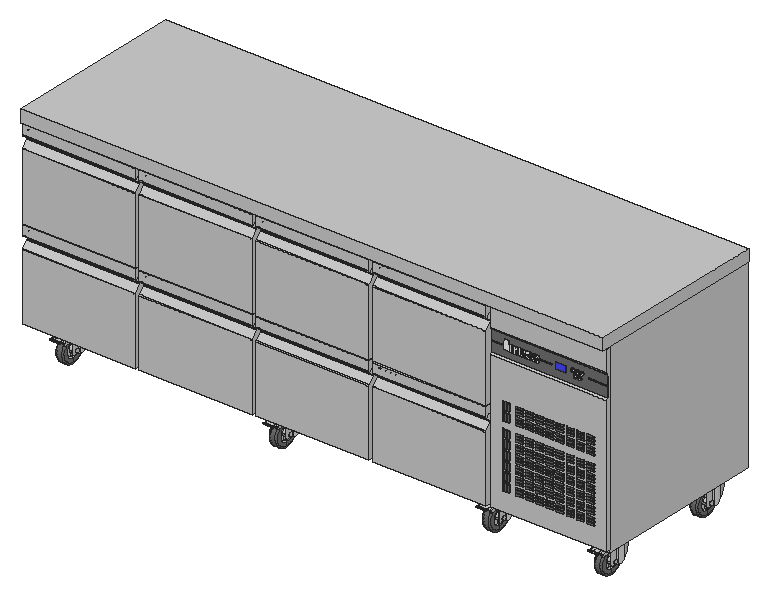
Revit family "QF_INOMAK_PNRP9999_250513010757", category Specialty Equipment, Revit 2021 (continued)
Definition of nested family "QF_INOMAK_REF_COUNTERS_DOORS_DRAWERS_25919"
  Definition of nested family "2_Drawers_1-2"
    Reference planes
      plane 7 "Front legs": y = -690
      plane 8 "Legs top": z = 150
      plane 9 "Backsplash thickness": y = -10
      plane 10 "Left panel": x = 35
      plane 11 "Right panel": x = 1165
      plane 12: z = 600
      plane 13: z = 1046
      plane 14: z = 602
      plane 15: z = 598
      plane 16: z = 154
    Forms (mm)
      Extrusion 1, solid, material <- "Finish", visible <- "2 Drawers"
        sketch origin (35, 0, 0) x (0, -1, 0) y (0, 0, 1)
          loop
            line (690, 602) -> (690, 960.365)
            arc (690, 960.365) -> (689.866, 961.037) -> (689.485, 961.607) r 1.757
            line (689.485, 961.607) -> (666.663, 984.429)
            arc (666.663, 984.429) -> (665.976, 985.458) -> (665.734, 986.672) r 3.172
            line (665.734, 986.672) -> (665.734, 1013.576)
            arc (665.734, 1013.576) -> (666.433, 1015.262) -> (668.119, 1015.961) r 2.385
            line (668.119, 1015.961) -> (680.029, 1015.961) -> (686.544, 1006.657)
            arc (686.544, 1006.657) -> (688.671, 1005.935) -> (690, 1007.747) r 1.9
            line (690, 1007.747) -> (690, 1046) -> (648, 1046) -> (648, 602) -> (690, 602)
        from 0 to -1130
      Extrusion 2, solid, visible <- "2 Drawers", detail levels coarse
        sketch origin (0, -640.463, 602) x (0, 1, 0) y (-1, 0, 0)
          loop
            line (-49.537, -35) -> (-624.537, -35) -> (-624.537, -1165) -> (-49.537, -1165) -> (-49.537, -35)
        from 0 to 444
      Extrusion 3, solid, visible <- "2 Drawers", detail levels coarse
        sketch origin (0, -700, 154) x (-1, 0, 0) y (0, 1, 0)
          loop
            line (-35, 10) -> (-1165, 10) -> (-1165, -565) -> (-35, -565) -> (-35, 10)
        from 0 to -444
      Extrusion 4, solid, material <- "Finish", visible <- "2 Drawers"
        sketch origin (35, 0, -441.333) x (0, -1, 0) y (0, 0, 1)
          loop
            line (690, 595.333) -> (690, 953.698)
            arc (690, 953.698) -> (689.866, 954.37) -> (689.485, 954.94) r 1.757
            line (689.485, 954.94) -> (666.663, 977.763)
            arc (666.663, 977.763) -> (665.976, 978.792) -> (665.734, 980.006) r 3.172
            line (665.734, 980.006) -> (665.734, 1006.909)
            arc (665.734, 1006.909) -> (666.433, 1008.596) -> (668.119, 1009.294) r 2.385
            line (668.119, 1009.294) -> (680.029, 1009.294) -> (686.544, 999.991)
            arc (686.544, 999.991) -> (688.671, 999.268) -> (690, 1001.08) r 1.9
            line (690, 1001.08) -> (690, 1039.333) -> (648, 1039.333) -> (648, 595.333) -> (690, 595.333)
        from 0 to -1130
    Lines and regions (mm)
      symbolic lines, visible <- "2 Drawers"
        curve 1: line (35, -940, 900) -> (35, -980, 900)
        curve 2: line (35, -980, 900) -> (1165, -980, 900)
        curve 3: line (1165, -980, 900) -> (1165, -940, 900)
        curve 4: line (1165, -940, 900) -> (35, -940, 900)
        curve 5: line (1135, -940, 900) -> (1135, -700, 900)
        curve 6: line (65, -940, 900) -> (65, -700, 900)
        curve 7: line (35, -1225, 900) -> (35, -1265, 900)
        curve 8: line (35, -1265, 900) -> (1165, -1265, 900)
        curve 9: line (1165, -1265, 900) -> (1165, -1225, 900)
        curve 10: line (1165, -1225, 900) -> (35, -1225, 900)
        curve 11: line (1135, -1225, 900) -> (1135, -980, 900)
        curve 12: line (65, -1225, 900) -> (65, -980, 900)
    Dimensions and locks
      "Length Actual": plane 3 "Left" to plane 4 "Right"
      "Depth Actual": plane 5 "Front" to plane 1 "Back"
      "Height Actual": plane 6 "Top" to plane 8 "Legs top"
      "Front inset": plane 7 "Front legs" to plane 5 "Front"
      "Plinth height": plane 8 "Legs top" to plane 2
      "Rear inset": plane 9 "Backsplash thickness" to plane 1 "Back"
      "Right panel thickness": plane 11 "Right panel" to plane 4 "Right"
      "Left panel thickness": plane 3 "Left" to plane 10 "Left panel"
      "Top inset": plane 6 "Top" to plane 13
      "Bottom inset": plane 16 to plane 8 "Legs top"
      equal spacing: plane 16, plane 12, plane 13
      locked: plane 14 to plane 12 at 2
      locked: plane 15 to plane 12 at 2
      aligned and locked: level to plane 2
      aligned and locked: Extrusion 1 to plane 11 "Right panel"
      aligned and locked: plane 10 "Left panel" to curve 1
      aligned and locked: plane 10 "Left panel" to curve 7
      aligned and locked: Extrusion 2 sketch curve to plane 10 "Left panel"
      aligned and locked: plane 11 "Right panel" to Extrusion 2 sketch curve
      aligned and locked: Extrusion 3 sketch curve to plane 10 "Left panel"
      aligned and locked: plane 11 "Right panel" to Extrusion 3 sketch curve
      aligned and locked: Extrusion 2 to plane 13
      aligned and locked: Extrusion 4 to plane 11 "Right panel"
      aligned and locked: Extrusion 3 to plane 15
      aligned and locked: Extrusion 1 sketch curve to plane 13
      aligned and locked: Extrusion 1 sketch curve to plane 7 "Front legs"
      aligned and locked: plane 14 to Extrusion 1 sketch curve
      aligned and locked: Extrusion 4 sketch curve to plane 15
      aligned and locked: Extrusion 4 sketch curve to plane 7 "Front legs"
      aligned and locked: Extrusion 4 sketch curve to plane 16
    Automatic sketch dimensions
      Extrusion 2 sketch curve to plane 7 "Front legs" = 0 mm
      Extrusion 2 sketch curve to plane 5 "Front" = 565 mm
      Extrusion 3 sketch curve to plane 7 "Front legs" = 0 mm
      Extrusion 3 sketch curve to plane 5 "Front" = 565 mm
      curve 9 to plane 11 "Right panel" = 0 mm
      curve 2 to plane 11 "Right panel" = 0 mm
      curve 5 to plane 5 "Front" = 0 mm
      curve 6 to plane 5 "Front" = 0 mm
      curve 1 to plane 5 "Front" = 240 mm
      curve 3 to curve 3 = 40 mm
      curve 7 to curve 1 = 245 mm
      curve 8 to curve 9 = 40 mm
      plane 11 "Right panel" to curve 5 = 30 mm
      curve 2 to curve 11 = 30 mm
      curve 6 to plane 10 "Left panel" = 30 mm
      curve 12 to plane 10 "Left panel" = 30 mm
      Extrusion 1 sketch curve to Extrusion 1 sketch curve = 17.734 mm
      Extrusion 1 sketch curve to Extrusion 1 sketch curve = 0.929 mm
      Extrusion 1 sketch curve to Extrusion 1 sketch curve = 2.385 mm
      Extrusion 1 sketch curve to Extrusion 1 sketch curve = 3.172 mm
      Extrusion 1 sketch curve to Extrusion 1 sketch curve = 11.91 mm
      Extrusion 1 sketch curve to Extrusion 1 sketch curve = 6.515 mm
      Extrusion 1 sketch curve to Extrusion 1 sketch curve = 1.556 mm
      Extrusion 1 sketch curve to Extrusion 1 sketch curve = 21.58 mm
      Extrusion 1 sketch curve to Extrusion 1 sketch curve = 1.242 mm
      Extrusion 1 sketch curve to Extrusion 1 sketch curve = 1.9 mm
      Extrusion 1 sketch curve to Extrusion 1 sketch curve = 0.515 mm
      Extrusion 1 sketch curve to Extrusion 1 sketch curve = 22.822 mm
      Extrusion 1 sketch curve to Extrusion 1 sketch curve = 19.985 mm
      Extrusion 1 sketch curve to Extrusion 1 sketch curve = 6.919 mm
      Extrusion 1 sketch curve to Extrusion 1 sketch curve = 30.039 mm
      Extrusion 4 sketch curve to plane 7 "Front legs" = 0 mm
      plane 7 "Front legs" to Extrusion 4 sketch curve = 0.515 mm
      plane 7 "Front legs" to Extrusion 4 sketch curve = 1.757 mm
      plane 7 "Front legs" to Extrusion 4 sketch curve = 1.9 mm
      Extrusion 4 sketch curve to Extrusion 4 sketch curve = 1.556 mm
      plane 7 "Front legs" to Extrusion 4 sketch curve = 9.971 mm
      plane 7 "Front legs" to Extrusion 4 sketch curve = 21.094 mm
      Extrusion 4 sketch curve to Extrusion 4 sketch curve = 11.91 mm
      Extrusion 4 sketch curve to Extrusion 4 sketch curve = 2.243 mm
      Extrusion 4 sketch curve to Extrusion 4 sketch curve = 2.385 mm
      Extrusion 4 sketch curve to Extrusion 4 sketch curve = 20.119 mm
      Extrusion 4 sketch curve to Extrusion 4 sketch curve = 22.822 mm
      Extrusion 4 sketch curve to Extrusion 4 sketch curve = 19.985 mm
      Extrusion 4 sketch curve to Extrusion 4 sketch curve = 6.919 mm
      Extrusion 4 sketch curve to Extrusion 4 sketch curve = 30.039 mm
  Definition of nested family "2_Drawers_1-3_2-3"
    Parameters (values of type "2 Drawers 1-3 and 2-3")
      URL = "www.specifiglobal.com"
      Top inset [instance] = 4 mm
      Right panel thickness [instance] = 35 mm
      Rear inset [instance] = 10 mm
      Plinth height [instance] = 150 mm
      Model = ""
      Manufacturer = "DEMO CONSULTANT"
      Length Actual [instance] = 1200 mm
      Left panel thickness [instance] = 35 mm
      Height Actual [instance] = 900 mm
      Front inset [instance] = 10 mm
      Finish = none
      Doors drawers type [instance] = 5
      Description = ""
      Depth Actual [instance] = 700 mm
      Default Elevation = 0 mm
      Bottom inset [instance] = 4 mm
      Assembly Code = "E1090320"
      2 Drawers 1-3 and 2-3 [instance] = Doors drawers type = 5  # yes
    Reference planes
      plane 1 "Back": y = 0
      plane 2: z = 0
      plane 3 "Left": x = 0
      plane 4 "Right": x = 1200
      plane 5 "Front": y = -700
      plane 6 "Top": z = 1050
      plane 7 "Front legs": y = -690
      plane 8 "Legs top": z = 150
      plane 9 "Backsplash thickness": y = -10
      plane 10 "Left panel": x = 35
      plane 11 "Right panel": x = 1165
      plane 12: z = 1046
      plane 13: z = 751.833
      plane 14: z = 746.833
      plane 15: z = 154
      plane 16: z = 450.667
      plane 17: z = 152
      plane 18: z = 1048
      plane 19: z = 749.333
    Forms (mm)
      Extrusion 1, solid, material <- "Finish", visible <- "2 Drawers 1-3 and 2-3"
        sketch origin (35, 0, 0) x (0, -1, 0) y (0, 0, 1)
          loop
            line (690, 751.833) -> (690, 960.365)
            arc (690, 960.365) -> (689.866, 961.037) -> (689.485, 961.607) r 1.757
            line (689.485, 961.607) -> (666.663, 984.429)
            arc (666.663, 984.429) -> (665.976, 985.458) -> (665.734, 986.672) r 3.172
            line (665.734, 986.672) -> (665.734, 1013.576)
            arc (665.734, 1013.576) -> (666.433, 1015.262) -> (668.119, 1015.961) r 2.385
            line (668.119, 1015.961) -> (680.029, 1015.961) -> (686.544, 1006.657)
            arc (686.544, 1006.657) -> (688.671, 1005.935) -> (690, 1007.747) r 1.9
            line (690, 1007.747) -> (690, 1046) -> (648, 1046) -> (648, 751.833) -> (690, 751.833)
        from 0 to -1130
      Extrusion 2, solid, visible <- "2 Drawers 1-3 and 2-3", detail levels coarse
        sketch origin (0, -640.463, 751.833) x (0, 1, 0) y (-1, 0, 0)
          loop
            line (-49.537, -35) -> (-624.537, -35) -> (-624.537, -1165) -> (-49.537, -1165) -> (-49.537, -35)
        from 0 to 294.167
      Extrusion 3, solid, visible <- "2 Drawers 1-3 and 2-3", detail levels coarse
        sketch origin (0, -700, 154) x (-1, 0, 0) y (0, 1, 0)
          loop
            line (-35, 10) -> (-1165, 10) -> (-1165, -565) -> (-35, -565) -> (-35, 10)
        from 0 to -592.833
      Extrusion 4, solid, material <- "Finish", visible <- "2 Drawers 1-3 and 2-3"
        sketch origin (35, 0, -441.333) x (0, -1, 0) y (0, 0, 1)
          loop
            line (690, 595.333) -> (690, 1101.698)
            arc (690, 1101.698) -> (689.866, 1102.37) -> (689.485, 1102.94) r 1.757
            line (689.485, 1102.94) -> (666.663, 1126.596)
            arc (666.663, 1126.596) -> (665.976, 1127.625) -> (665.734, 1128.839) r 3.172
            line (665.734, 1128.839) -> (665.734, 1155.743)
            arc (665.734, 1155.743) -> (666.433, 1157.429) -> (668.119, 1158.128) r 2.385
            line (668.119, 1158.128) -> (680.029, 1158.128) -> (686.544, 1148.824)
            arc (686.544, 1148.824) -> (688.671, 1148.102) -> (690, 1149.914) r 1.9
            line (690, 1149.914) -> (690, 1188.167) -> (648, 1188.167) -> (648, 595.333) -> (690, 595.333)
        from 0 to -1130
    Lines and regions (mm)
      symbolic lines, visible <- "2 Drawers 1-3 and 2-3"
        curve 1: line (35, -1000, 900) -> (35, -1040, 900)
        curve 2: line (35, -1040, 900) -> (1165, -1040, 900)
        curve 3: line (1165, -1040, 900) -> (1165, -1000, 900)
        curve 4: line (1165, -1000, 900) -> (35, -1000, 900)
        curve 5: line (1135, -1000, 900) -> (1135, -700, 900)
        curve 6: line (65, -1000, 900) -> (65, -700, 900)
        curve 7: line (35, -1225, 900) -> (35, -1265, 900)
        curve 8: line (35, -1265, 900) -> (1165, -1265, 900)
        curve 9: line (1165, -1265, 900) -> (1165, -1225, 900)
        curve 10: line (1165, -1225, 900) -> (35, -1225, 900)
        curve 11: line (1135, -1225, 900) -> (1135, -1040, 900)
        curve 12: line (65, -1225, 900) -> (65, -1040, 900)
    Dimensions and locks
      "Length Actual": plane 3 "Left" to plane 4 "Right"
      "Depth Actual": plane 5 "Front" to plane 1 "Back"
      "Height Actual": plane 6 "Top" to plane 8 "Legs top"
      "Front inset": plane 7 "Front legs" to plane 5 "Front"
      "Plinth height": plane 8 "Legs top" to plane 2
      "Rear inset": plane 9 "Backsplash thickness" to plane 1 "Back"
      "Right panel thickness": plane 11 "Right panel" to plane 4 "Right"
      "Left panel thickness": plane 3 "Left" to plane 10 "Left panel"
      "Top inset": plane 6 "Top" to plane 12
      locked: plane 13 to plane 14 at 5
      "Bottom inset": plane 15 to plane 8 "Legs top"
      equal spacing: plane 17, plane 16, plane 19, plane 18
      equal spacing: plane 12, plane 18, plane 6 "Top"
      equal spacing: plane 14, plane 19, plane 13
      equal spacing: plane 15, plane 17, plane 8 "Legs top"
      aligned and locked: level to plane 2
      aligned and locked: Extrusion 1 to plane 11 "Right panel"
      aligned and locked: plane 10 "Left panel" to curve 1
      aligned and locked: plane 10 "Left panel" to curve 7
      aligned and locked: Extrusion 2 sketch curve to plane 10 "Left panel"
      aligned and locked: plane 11 "Right panel" to Extrusion 2 sketch curve
      aligned and locked: Extrusion 3 sketch curve to plane 10 "Left panel"
      aligned and locked: plane 11 "Right panel" to Extrusion 3 sketch curve
      aligned and locked: Extrusion 2 to plane 12
      aligned and locked: Extrusion 4 to plane 11 "Right panel"
      aligned and locked: Extrusion 3 to plane 14
      aligned and locked: plane 13 to Extrusion 1 sketch curve
      aligned and locked: Extrusion 2 to Extrusion 1 sketch curve
      aligned and locked: Extrusion 3 to Extrusion 4 sketch curve
      aligned and locked: Extrusion 4 sketch curve to Extrusion 3  (x2)
      aligned and locked: Extrusion 1 sketch curve to plane 7 "Front legs"
    Automatic sketch dimensions
      Extrusion 2 sketch curve to plane 7 "Front legs" = 0 mm
      Extrusion 2 sketch curve to plane 5 "Front" = 565 mm
      Extrusion 3 sketch curve to plane 7 "Front legs" = 0 mm
      Extrusion 3 sketch curve to plane 5 "Front" = 565 mm
      curve 9 to plane 11 "Right panel" = 0 mm
      curve 2 to plane 11 "Right panel" = 0 mm
      curve 5 to plane 5 "Front" = 0 mm
      curve 6 to plane 5 "Front" = 0 mm
      curve 1 to plane 5 "Front" = 300 mm
      curve 3 to curve 3 = 40 mm
      curve 7 to curve 1 = 185 mm
      curve 8 to curve 9 = 40 mm
      plane 11 "Right panel" to curve 5 = 30 mm
      curve 11 to curve 5 = 0 mm
      curve 6 to plane 10 "Left panel" = 30 mm
      curve 12 to curve 6 = 0 mm
      Extrusion 1 sketch curve to plane 7 "Front legs" = 0 mm
      plane 7 "Front legs" to Extrusion 1 sketch curve = 0.515 mm
      plane 7 "Front legs" to Extrusion 1 sketch curve = 1.757 mm
      plane 7 "Front legs" to Extrusion 1 sketch curve = 1.9 mm
      Extrusion 1 sketch curve to Extrusion 1 sketch curve = 1.556 mm
      plane 7 "Front legs" to Extrusion 1 sketch curve = 9.971 mm
      plane 7 "Front legs" to Extrusion 1 sketch curve = 21.094 mm
      Extrusion 1 sketch curve to Extrusion 1 sketch curve = 11.91 mm
      Extrusion 1 sketch curve to Extrusion 1 sketch curve = 2.243 mm
      Extrusion 1 sketch curve to Extrusion 1 sketch curve = 2.385 mm
      Extrusion 1 sketch curve to Extrusion 1 sketch curve = 20.119 mm
      plane 12 to Extrusion 1 sketch curve = 85.635 mm
      Extrusion 1 sketch curve to Extrusion 1 sketch curve = 22.822 mm
      Extrusion 1 sketch curve to Extrusion 1 sketch curve = 19.985 mm
      Extrusion 1 sketch curve to Extrusion 1 sketch curve = 6.919 mm
      plane 12 to Extrusion 1 sketch curve = 0 mm
      Extrusion 4 sketch curve to plane 7 "Front legs" = 0 mm
      plane 7 "Front legs" to Extrusion 4 sketch curve = 0.515 mm
      plane 7 "Front legs" to Extrusion 4 sketch curve = 1.9 mm
      Extrusion 4 sketch curve to Extrusion 4 sketch curve = 1.556 mm
      plane 7 "Front legs" to Extrusion 4 sketch curve = 9.971 mm
      plane 7 "Front legs" to Extrusion 4 sketch curve = 21.094 mm
      Extrusion 4 sketch curve to Extrusion 4 sketch curve = 11.91 mm
      Extrusion 4 sketch curve to Extrusion 4 sketch curve = 2.243 mm
      Extrusion 4 sketch curve to Extrusion 4 sketch curve = 2.385 mm
      Extrusion 4 sketch curve to Extrusion 4 sketch curve = 20.119 mm
      Extrusion 4 sketch curve to Extrusion 4 sketch curve = 86.469 mm
      Extrusion 4 sketch curve to Extrusion 4 sketch curve = 23.656 mm
      Extrusion 4 sketch curve to Extrusion 4 sketch curve = 19.985 mm
      Extrusion 4 sketch curve to Extrusion 4 sketch curve = 6.919 mm
      plane 7 "Front legs" to Extrusion 4 sketch curve = 1.757 mm
  Definition of nested family "Sliding_Doors"
    Parameters (values of type "Sliding doors")
      URL = "www.specifiglobal.com"
      Top inset [instance] = 4 mm
      Sliding doors [instance] = Doors drawers type = 2  # yes
      Right panel thickness [instance] = 35 mm
      Rear inset [instance] = 10 mm
      Plinth height [instance] = 150 mm
      Model = ""
      Manufacturer = "DEMO CONSULTANT"
      Length Actual [instance] = 1200 mm
      Left panel thickness [instance] = 35 mm
      Height Actual [instance] = 900 mm
      Front inset [instance] = 10 mm
      Finish [instance] = none
      Doors drawers type [instance] = 2
      Description = ""
      Depth Actual [instance] = 700 mm
      Default Elevation = 0 mm
      Bottom inset [instance] = 4 mm
      Assembly Code = "E1090320"
    Reference planes
      plane 1 "Back": y = 0
      plane 2: z = 0
      plane 3 "Left": x = 0
      plane 4 "Right": x = 1200
      plane 5 "Front": y = -700
      plane 6 "Top": z = 1050
      plane 7 "Front legs": y = -690
      plane 8 "Legs top": z = 150
      plane 9 "Backsplash thickness": y = -10
      plane 10: x = 35
      plane 11: x = 1165
      plane 12 "Center Left-Right": x = 600
      plane 13: z = 154
      plane 14: z = 1046
    Forms (mm)
      Extrusion 1, solid, material <- "Finish", visible <- "Sliding doors"
        sketch origin (0, -690, 154) x (-1, 0, 0) y (0, 1, 0)
          loop
            line (-35, 10) -> (-35, 20) -> (-620, 20) -> (-620, 0) -> (-91.156, 0)
            arc (-91.156, 0) -> (-85.272, 0.885) -> (-79.91, 3.461) r 20
            line (-79.91, 3.461) -> (-60, 17) -> (-38, 17) -> (-38, 10)
            arc (-38, 10) -> (-40.05, 5.05) -> (-45, 3) r 7
            line (-45, 3) -> (-50.012, 3) -> (-50.012, 0) -> (-45, 0)
            arc (-45, 0) -> (-37.929, 2.929) -> (-35, 10) r 10
        from 0 to -892
      Extrusion 2, solid, material <- "Finish", visible <- "Sliding doors"
        sketch origin (0, -689, 154) x (-1, 0, 0) y (0, 1, 0)
          loop
            arc (-1065, 30) -> (-1062.071, 22.929) -> (-1055, 20) r 10
            line (-1055, 20) -> (-1049.988, 20) -> (-1049.988, 23) -> (-1055, 23)
            arc (-1055, 23) -> (-1059.95, 25.05) -> (-1062, 30) r 7
            line (-1062, 30) -> (-1062, 37) -> (-1040, 37) -> (-1020.09, 23.461)
            arc (-1020.09, 23.461) -> (-1014.728, 20.885) -> (-1008.844, 20) r 20
            line (-1008.844, 20) -> (-480, 20) -> (-480, 40) -> (-1065, 40) -> (-1065, 30)
        from 0 to -892
    Lines and regions (mm)
      symbolic lines, visible <- "Sliding doors"
        curve 1: line (1065, -649, 150) -> (480, -649, 150)
        curve 2: line (1065, -669, 150) -> (1065, -649, 150)
        curve 3: line (480, -669, 150) -> (1065, -669, 150)
        curve 4: line (480, -649, 150) -> (480, -669, 150)
        curve 5: line (620, -690, 150) -> (35, -690, 150)
        curve 6: line (620, -670, 150) -> (620, -690, 150)
        curve 7: line (35, -670, 150) -> (620, -670, 150)
        curve 8: line (35, -690, 150) -> (35, -670, 150)
    Dimensions and locks
      "Length Actual": plane 3 "Left" to plane 4 "Right"
      "Depth Actual": plane 5 "Front" to plane 1 "Back"
      "Height Actual": plane 6 "Top" to plane 8 "Legs top"
      "Front inset": plane 7 "Front legs" to plane 5 "Front"
      "Plinth height": plane 8 "Legs top" to plane 2
      "Rear inset": plane 9 "Backsplash thickness" to plane 1 "Back"
      "Right panel thickness": plane 11 to plane 4 "Right"
      "Left panel thickness": plane 3 "Left" to plane 10
      equal spacing: plane 10, plane 12 "Center Left-Right", plane 11
      "Top inset": plane 6 "Top" to plane 14
      "Bottom inset": plane 13 to plane 8 "Legs top"
      locked: plane 12 "Center Left-Right" to curve 4 at 120
      locked: plane 12 "Center Left-Right" to curve 5 at 20
      locked: plane 11 to curve 1 at 100
      aligned and locked: level to plane 2
      aligned and locked: Extrusion 1 sketch curve to plane 7 "Front legs"
      aligned and locked: Extrusion 1 sketch curve to plane 10
      aligned and locked: Extrusion 1 to plane 14
      aligned and locked: Extrusion 2 to plane 14
      aligned and locked: curve 8 to plane 10
    Automatic sketch dimensions
      Extrusion 2 sketch curve to Extrusion 2 sketch curve = 0 mm  (x2)
      plane 11 to Extrusion 2 sketch curve = 100 mm
      Extrusion 2 sketch curve to Extrusion 2 sketch curve = 3 mm
      Extrusion 2 sketch curve to Extrusion 2 sketch curve = 7 mm  (x2)
      Extrusion 2 sketch curve to Extrusion 2 sketch curve = 5.012 mm
      plane 7 "Front legs" to Extrusion 2 sketch curve = 38 mm
      Extrusion 2 sketch curve to Extrusion 2 sketch curve = 15 mm
      plane 7 "Front legs" to Extrusion 2 sketch curve = 24.461 mm
      Extrusion 2 sketch curve to Extrusion 2 sketch curve = 19.91 mm
      Extrusion 2 sketch curve to Extrusion 2 sketch curve = 11.246 mm
      Extrusion 2 sketch curve to plane 12 "Center Left-Right" = 120 mm
      Extrusion 2 sketch curve to Extrusion 2 sketch curve = 16.539 mm
      Extrusion 2 sketch curve to Extrusion 2 sketch curve = 20 mm
      Extrusion 1 sketch curve to Extrusion 1 sketch curve = 0 mm  (x2)
      Extrusion 1 sketch curve to plane 7 "Front legs" = 0 mm
      Extrusion 1 sketch curve to plane 10 = 3 mm
      Extrusion 1 sketch curve to Extrusion 1 sketch curve = 7 mm
      Extrusion 1 sketch curve to Extrusion 1 sketch curve = 5.012 mm
      Extrusion 1 sketch curve to Extrusion 1 sketch curve = 15 mm
      plane 7 "Front legs" to Extrusion 1 sketch curve = 3.461 mm
      Extrusion 1 sketch curve to Extrusion 1 sketch curve = 19.91 mm
      Extrusion 1 sketch curve to Extrusion 1 sketch curve = 11.246 mm
      plane 12 "Center Left-Right" to Extrusion 1 sketch curve = 20 mm
      Extrusion 1 sketch curve to Extrusion 1 sketch curve = 20 mm
      Extrusion 1 sketch curve to Extrusion 1 sketch curve = 3 mm
      curve 8 to plane 7 "Front legs" = 0 mm
      curve 5 to curve 6 = 20 mm
      plane 7 "Front legs" to curve 2 = 21 mm
      curve 2 to curve 2 = 20 mm
  Definition of nested family "4_Drawers_1-4"
    Parameters (values of type "4 Drawers 1-4")
      URL = "www.specifiglobal.com"
      Top inset [instance] = 4 mm
      Right panel thickness [instance] = 35 mm
      Rear inset [instance] = 10 mm
      Plinth height [instance] = 150 mm
      Model = ""
      Manufacturer = "DEMO CONSULTANT"
      Length Actual [instance] = 1200 mm
      Left panel thickness [instance] = 35 mm
      Height Actual [instance] = 900 mm
      Front inset [instance] = 10 mm
      Finish [instance] = none
      Doors drawers type [instance] = 7
      Description = ""
      Depth Actual [instance] = 700 mm
      Default Elevation = 0 mm
      Bottom inset [instance] = 4 mm
      Assembly Code = "E1090320"
      4 Drawers [instance] = Doors drawers type = 7  # yes
    Reference planes
      plane 1 "Back": y = 0
      plane 2: z = 0
      plane 3 "Left": x = 0
      plane 4 "Right": x = 1200
      plane 5 "Front": y = -700
      plane 6 "Top": z = 1050
      plane 7 "Front legs": y = -690
      plane 8 "Legs top": z = 150
      plane 9 "Backsplash thickness": y = -10
      plane 10 "Left panel": x = 35
      plane 11 "Right panel": x = 1165
      plane 12: z = 824.25
      plane 13: z = 1046
      plane 14: z = 826.083
      plane 15: z = 822.417
      plane 16: z = 1048.5
      plane 17: z = 375.75
      plane 18: z = 377.917
      plane 19: z = 373.583
      plane 20: z = 154
      plane 21: z = 151.5
      plane 22: z = 600
      plane 23: z = 601.833
      plane 24: z = 598.167
    Forms (mm)
      Extrusion 1, solid, material <- "Finish", visible <- "4 Drawers"
        sketch origin (35, 0, -1) x (0, -1, 0) y (0, 0, 1)
          loop
            line (680, 1047) -> (670, 1047) -> (670, 827.083) -> (690, 827.083) -> (690, 990.844)
            arc (690, 990.844) -> (689.115, 996.728) -> (686.539, 1002.09) r 20
            line (686.539, 1002.09) -> (673, 1022) -> (673, 1044) -> (680, 1044)
            arc (680, 1044) -> (684.95, 1041.95) -> (687, 1037) r 7
            line (687, 1037) -> (687, 1031.988) -> (690, 1031.988) -> (690, 1037)
            arc (690, 1037) -> (687.071, 1044.071) -> (680, 1047) r 10
        from 0 to -1130
      Extrusion 2, solid, visible <- "4 Drawers", detail levels coarse
        sketch origin (0, -640.463, 826.083) x (0, 1, 0) y (-1, 0, 0)
          loop
            line (-49.537, -35) -> (-624.537, -35) -> (-624.537, -1165) -> (-49.537, -1165) -> (-49.537, -35)
        from 0 to 219.917
      Extrusion 3, solid, visible <- "4 Drawers", detail levels coarse
        sketch origin (0, -700, 154) x (-1, 0, 0) y (0, 1, 0)
          loop
            line (-35, 10) -> (-1165, 10) -> (-1165, -565) -> (-35, -565) -> (-35, 10)
        from 0 to -219.583
      Extrusion 4, solid, material <- "Finish", visible <- "4 Drawers"
        sketch origin (35, 0, -440.333) x (0, -1, 0) y (0, 0, 1)
          loop
            line (680, 813.917) -> (670, 813.917) -> (670, 594.333) -> (690, 594.333) -> (690, 757.761)
            arc (690, 757.761) -> (689.115, 763.644) -> (686.539, 769.007) r 20
            line (686.539, 769.007) -> (673, 788.917) -> (673, 810.917) -> (680, 810.917)
            arc (680, 810.917) -> (684.95, 808.866) -> (687, 803.917) r 7
            line (687, 803.917) -> (687, 798.904) -> (690, 798.904) -> (690, 803.917)
            arc (690, 803.917) -> (687.071, 810.988) -> (680, 813.917) r 10
        from 0 to -1130
      Extrusion 5, solid, material <- "Finish", visible <- "4 Drawers"
        sketch origin (35, 0, -165.333) x (0, -1, 0) y (0, 0, 1)
          loop
            line (680, 987.75) -> (670, 987.75) -> (670, 767.167) -> (690, 767.167) -> (690, 931.594)
            arc (690, 931.594) -> (689.115, 937.478) -> (686.539, 942.84) r 20
            line (686.539, 942.84) -> (673, 962.75) -> (673, 984.75) -> (680, 984.75)
            arc (680, 984.75) -> (684.95, 982.7) -> (687, 977.75) r 7
            line (687, 977.75) -> (687, 972.738) -> (690, 972.738) -> (690, 977.75)
            arc (690, 977.75) -> (687.071, 984.821) -> (680, 987.75) r 10
        from 0 to -1130
      Extrusion 6, solid, material <- "Finish", visible <- "4 Drawers"
        sketch origin (35, 0, -330.333) x (0, -1, 0) y (0, 0, 1)
          loop
            line (680, 928.5) -> (670, 928.5) -> (670, 708.25) -> (690, 708.25) -> (690, 872.344)
            arc (690, 872.344) -> (689.115, 878.228) -> (686.539, 883.59) r 20
            line (686.539, 883.59) -> (673, 903.5) -> (673, 925.5) -> (680, 925.5)
            arc (680, 925.5) -> (684.95, 923.45) -> (687, 918.5) r 7
            line (687, 918.5) -> (687, 913.488) -> (690, 913.488) -> (690, 918.5)
            arc (690, 918.5) -> (687.071, 925.571) -> (680, 928.5) r 10
        from 0 to -1130
      Extrusion 7, solid, visible <- "4 Drawers", detail levels coarse
        sketch origin (0, -500.463, 601.833) x (0, 1, 0) y (-1, 0, 0)
          loop
            line (-189.537, -35) -> (-764.537, -35) -> (-764.537, -1165) -> (-189.537, -1165) -> (-189.537, -35)
        from 0 to 220.583
      Extrusion 8, solid, visible <- "4 Drawers", detail levels coarse
        sketch origin (0, -540.463, 377.917) x (0, 1, 0) y (-1, 0, 0)
          loop
            line (-149.537, -35) -> (-724.537, -35) -> (-724.537, -1165) -> (-149.537, -1165) -> (-149.537, -35)
        from 0 to 220.25
    Lines and regions (mm)
      symbolic lines, visible <- "4 Drawers"
        curve 1: line (35, -945, 900) -> (35, -985, 900)
        curve 2: line (35, -985, 900) -> (1165, -985, 900)
        curve 3: line (1165, -985, 900) -> (1165, -945, 900)
        curve 4: line (1165, -945, 900) -> (35, -945, 900)
        curve 5: line (1135, -945, 900) -> (1135, -845, 900)
        curve 6: line (65, -945, 900) -> (65, -845, 900)
        curve 7: line (35, -1085, 900) -> (35, -1125, 900)
        curve 8: line (35, -1125, 900) -> (1165, -1125, 900)
        curve 9: line (1165, -1125, 900) -> (1165, -1085, 900)
        curve 10: line (1165, -1085, 900) -> (35, -1085, 900)
        curve 11: line (1135, -1085, 900) -> (1135, -985, 900)
        curve 12: line (65, -1085, 900) -> (65, -985, 900)
        curve 13: line (35, -1225, 900) -> (35, -1265, 900)
        curve 14: line (35, -1265, 900) -> (1165, -1265, 900)
        curve 15: line (1165, -1265, 900) -> (1165, -1225, 900)
        curve 16: line (1165, -1225, 900) -> (35, -1225, 900)
        curve 17: line (1135, -1225, 900) -> (1135, -1125, 900)
        curve 18: line (65, -1225, 900) -> (65, -1125, 900)
        curve 19: line (35, -805, 900) -> (35, -845, 900)
        curve 20: line (35, -845, 900) -> (1165, -845, 900)
        curve 21: line (1165, -845, 900) -> (1165, -805, 900)
        curve 22: line (1165, -805, 900) -> (35, -805, 900)
        curve 23: line (65, -805, 900) -> (65, -700, 900)
        curve 24: line (1135, -805, 900) -> (1135, -700, 900)
    Dimensions and locks
      "Length Actual": plane 3 "Left" to plane 4 "Right"
      "Depth Actual": plane 5 "Front" to plane 1 "Back"
      "Height Actual": plane 6 "Top" to plane 8 "Legs top"
      "Front inset": plane 7 "Front legs" to plane 5 "Front"
      "Plinth height": plane 8 "Legs top" to plane 2
      "Rear inset": plane 9 "Backsplash thickness" to plane 1 "Back"
      "Right panel thickness": plane 11 "Right panel" to plane 4 "Right"
      "Left panel thickness": plane 3 "Left" to plane 10 "Left panel"
      locked: plane 14 to plane 15 at 3.667
      equal spacing: plane 14, plane 12, plane 15
      locked: plane 23 to plane 24 at 3.667
      equal spacing: plane 23, plane 22, plane 24
      "Bottom inset": plane 20 to plane 8 "Legs top"
      equal spacing: plane 19, plane 17, plane 18
      locked: plane 19 to plane 18 at 4.333
      equal spacing: plane 21, plane 17, plane 22, plane 12, plane 16
      locked: plane 13 to plane 16 at 2.5
      "Top inset": plane 13 to plane 6 "Top"
      locked: plane 21 to plane 20 at 2.5
      aligned and locked: level to plane 2
      aligned and locked: plane 7 "Front legs" to Extrusion 1 sketch curve  (x2)
      aligned and locked: Extrusion 1 to plane 11 "Right panel"
      aligned and locked: Extrusion 1 sketch curve to plane 13
      aligned and locked: Extrusion 1 sketch curve to plane 14
      aligned and locked: plane 10 "Left panel" to curve 1
      aligned and locked: plane 10 "Left panel" to curve 7
      aligned and locked: plane 10 "Left panel" to curve 13
      aligned and locked: Extrusion 2 sketch curve to plane 10 "Left panel"
      aligned and locked: plane 11 "Right panel" to Extrusion 2 sketch curve
      aligned and locked: Extrusion 3 sketch curve to plane 10 "Left panel"
      aligned and locked: plane 11 "Right panel" to Extrusion 3 sketch curve
      aligned and locked: Extrusion 2 to plane 13
      aligned and locked: Extrusion 3 to plane 19
      aligned and locked: plane 20 to Extrusion 4 sketch curve
      aligned and locked: Extrusion 4 to plane 11 "Right panel"
      aligned and locked: Extrusion 5 sketch curve to plane 15
      aligned and locked: plane 7 "Front legs" to Extrusion 5 sketch curve
      aligned and locked: Extrusion 5 sketch curve to plane 23
      aligned and locked: Extrusion 6 sketch curve to plane 24
      aligned and locked: plane 7 "Front legs" to Extrusion 6 sketch curve
      aligned and locked: Extrusion 6 sketch curve to plane 18
      aligned and locked: Extrusion 7 to plane 15
      aligned and locked: Extrusion 8 to plane 24
      aligned and locked: Extrusion 5 to plane 11 "Right panel"
      aligned and locked: Extrusion 6 to plane 11 "Right panel"
    Automatic sketch dimensions
      Extrusion 1 sketch curve to Extrusion 1 sketch curve = 0 mm  (x2)
      plane 7 "Front legs" to Extrusion 1 sketch curve = 3 mm
      plane 7 "Front legs" to Extrusion 1 sketch curve = 3.461 mm
      plane 7 "Front legs" to Extrusion 1 sketch curve = 10 mm
      Extrusion 1 sketch curve to Extrusion 1 sketch curve = 7 mm
      plane 7 "Front legs" to Extrusion 1 sketch curve = 20 mm  (x2)
      Extrusion 1 sketch curve to Extrusion 1 sketch curve = 46.156 mm
      Extrusion 1 sketch curve to Extrusion 1 sketch curve = 15 mm
      Extrusion 1 sketch curve to Extrusion 1 sketch curve = 5.012 mm
      Extrusion 2 sketch curve to plane 7 "Front legs" = 0 mm
      Extrusion 2 sketch curve to plane 5 "Front" = 565 mm
      Extrusion 3 sketch curve to plane 7 "Front legs" = 0 mm
      Extrusion 3 sketch curve to plane 5 "Front" = 565 mm
      Extrusion 5 sketch curve to Extrusion 5 sketch curve = 0 mm  (x2)
      Extrusion 5 sketch curve to plane 7 "Front legs" = 0 mm
      plane 7 "Front legs" to Extrusion 5 sketch curve = 3 mm
      plane 7 "Front legs" to Extrusion 5 sketch curve = 3.461 mm
      plane 7 "Front legs" to Extrusion 5 sketch curve = 10 mm
      Extrusion 5 sketch curve to Extrusion 5 sketch curve = 7 mm
      plane 7 "Front legs" to Extrusion 5 sketch curve = 20 mm  (x2)
      Extrusion 5 sketch curve to Extrusion 5 sketch curve = 46.156 mm
      Extrusion 5 sketch curve to Extrusion 5 sketch curve = 15 mm
      Extrusion 5 sketch curve to Extrusion 5 sketch curve = 5.012 mm
      Extrusion 6 sketch curve to Extrusion 6 sketch curve = 0 mm  (x2)
      Extrusion 6 sketch curve to plane 7 "Front legs" = 0 mm
      plane 7 "Front legs" to Extrusion 6 sketch curve = 3 mm
      plane 7 "Front legs" to Extrusion 6 sketch curve = 3.461 mm
      plane 7 "Front legs" to Extrusion 6 sketch curve = 10 mm
      Extrusion 6 sketch curve to Extrusion 6 sketch curve = 7 mm
      plane 7 "Front legs" to Extrusion 6 sketch curve = 20 mm  (x2)
      Extrusion 6 sketch curve to Extrusion 6 sketch curve = 46.156 mm
      Extrusion 6 sketch curve to Extrusion 6 sketch curve = 15 mm
      Extrusion 6 sketch curve to Extrusion 6 sketch curve = 5.012 mm
      curve 14 to plane 11 "Right panel" = 0 mm
      curve 8 to plane 11 "Right panel" = 0 mm
      curve 2 to plane 11 "Right panel" = 0 mm
      curve 21 to plane 11 "Right panel" = 0 mm
      curve 20 to plane 10 "Left panel" = 0 mm
      curve 23 to plane 5 "Front" = 0 mm
      curve 24 to plane 5 "Front" = 0 mm
      curve 21 to plane 5 "Front" = 105 mm
      curve 20 to curve 21 = 40 mm
      curve 3 to curve 20 = 100 mm
      curve 3 to curve 3 = 40 mm
      curve 10 to curve 1 = 100 mm
      curve 9 to curve 9 = 40 mm
      curve 15 to curve 8 = 100 mm
      curve 15 to curve 15 = 40 mm
      plane 11 "Right panel" to curve 24 = 30 mm
      curve 8 to curve 17 = 30 mm
      curve 11 to curve 17 = 0 mm
      curve 23 to plane 10 "Left panel" = 30 mm
      curve 12 to curve 6 = 0 mm
      curve 18 to curve 12 = 0 mm
      Extrusion 4 sketch curve to Extrusion 4 sketch curve = 0 mm  (x2)
      plane 19 to Extrusion 4 sketch curve = 0 mm
      Extrusion 4 sketch curve to plane 7 "Front legs" = 0 mm  (x2)
      plane 7 "Front legs" to Extrusion 4 sketch curve = 3 mm
      plane 7 "Front legs" to Extrusion 4 sketch curve = 3.461 mm
      plane 7 "Front legs" to Extrusion 4 sketch curve = 10 mm
      Extrusion 4 sketch curve to Extrusion 4 sketch curve = 7 mm
      plane 7 "Front legs" to Extrusion 4 sketch curve = 20 mm  (x2)
      Extrusion 4 sketch curve to Extrusion 4 sketch curve = 46.156 mm
      Extrusion 4 sketch curve to Extrusion 4 sketch curve = 15 mm
      Extrusion 4 sketch curve to Extrusion 4 sketch curve = 5.012 mm
      Extrusion 7 sketch curve to plane 10 "Left panel" = 0 mm
      Extrusion 7 sketch curve to plane 11 "Right panel" = 0 mm
      Extrusion 7 sketch curve to plane 7 "Front legs" = 0 mm
      Extrusion 7 sketch curve to plane 5 "Front" = 565 mm
      Extrusion 8 sketch curve to plane 10 "Left panel" = 0 mm
      Extrusion 8 sketch curve to plane 11 "Right panel" = 0 mm
      Extrusion 8 sketch curve to plane 7 "Front legs" = 0 mm
      Extrusion 8 sketch curve to plane 5 "Front" = 565 mm
      curve 6 to plane 10 "Left panel" = 30 mm
      curve 5 to curve 24 = 0 mm
  Definition of nested family "Hinged_Doors"
    Parameters (values of type "Hinged doors")
      URL = "www.specifiglobal.com"
      Top inset [instance] = 4 mm
      Right panel thickness [instance] = 35 mm
      Rear inset [instance] = 10 mm
      Plinth height [instance] = 150 mm
      Model = ""
      Manufacturer = "DEMO CONSULTANT"
      Length Actual [instance] = 1200 mm
      Left panel thickness [instance] = 35 mm
      Hinged doors [instance] = Doors drawers type = 3  # yes
      Height Actual [instance] = 900 mm
      Front inset [instance] = 10 mm
      Finish [instance] = none
      Doors drawers type [instance] = 3
      Description = ""
      Depth Actual [instance] = 700 mm
      Default Elevation = 0 mm
      Bottom inset [instance] = 4 mm
      Assembly Code = "E1090320"
    Reference planes
      plane 1 "Back": y = 0
      plane 2: z = 0
      plane 3 "Left": x = 0
      plane 4 "Right": x = 1200
      plane 5 "Front": y = -700
      plane 6 "Top": z = 1050
      plane 7 "Front legs": y = -690
      plane 8 "Legs top": z = 150
      plane 9 "Backsplash thickness": y = -10
      plane 10: x = 35
      plane 11: x = 1165
      plane 12 "Center Left-Right": x = 600
      plane 13: x = 597.5
      plane 14: x = 602.5
      plane 15: z = 154
      plane 16: z = 1046
    Forms (mm)
      Extrusion 1, solid, material <- "Finish", visible <- "Hinged doors"
        sketch origin (35, -2307.849, 4000) x (0, -1, 0) y (0, 0, 1)
          loop
            line (-1627.849, -2954) -> (-1637.849, -2954) -> (-1637.849, -3846) -> (-1617.849, -3846) -> (-1617.849, -3010.156)
            arc (-1617.849, -3010.156) -> (-1618.734, -3004.272) -> (-1621.31, -2998.91) r 20
            line (-1621.31, -2998.91) -> (-1634.849, -2979) -> (-1634.849, -2957) -> (-1627.849, -2957)
            arc (-1627.849, -2957) -> (-1622.899, -2959.05) -> (-1620.849, -2964) r 7
            line (-1620.849, -2964) -> (-1620.849, -2969.012) -> (-1617.849, -2969.012) -> (-1617.849, -2964)
            arc (-1617.849, -2964) -> (-1620.778, -2956.929) -> (-1627.849, -2954) r 10
        from 0 to -562.5
      Extrusion 2, solid, visible <- "Hinged doors", detail levels coarse
        sketch origin (0, -700, 154) x (-1, 0, 0) y (0, 1, 0)
          loop
            line (-35, 10) -> (-597.5, 10)
            arc (-597.5, 10) -> (-432.748, -387.748) -> (-35, -552.5) r 562.5
            line (-35, -552.5) -> (-35, 10)
        from 0 to -892
      Extrusion 3, solid, material <- "Finish", visible <- "Hinged doors"
        sketch origin (1165, -2312.576, 4000) x (0, -1, 0) y (0, 0, 1)
          loop
            line (-1632.576, -2954) -> (-1642.576, -2954) -> (-1642.576, -3846) -> (-1622.576, -3846) -> (-1622.576, -3010.156)
            arc (-1622.576, -3010.156) -> (-1623.46, -3004.272) -> (-1626.037, -2998.91) r 20
            line (-1626.037, -2998.91) -> (-1639.576, -2979) -> (-1639.576, -2957) -> (-1632.576, -2957)
            arc (-1632.576, -2957) -> (-1627.626, -2959.05) -> (-1625.576, -2964) r 7
            line (-1625.576, -2964) -> (-1625.576, -2969.012) -> (-1622.576, -2969.012) -> (-1622.576, -2964)
            arc (-1622.576, -2964) -> (-1625.504, -2956.929) -> (-1632.576, -2954) r 10
        from 0 to 562.5
      Extrusion 4, solid, visible <- "Hinged doors", detail levels coarse
        sketch origin (0, -700, 154) x (-1, 0, 0) y (0, 1, 0)
          loop
            line (-1165, 10) -> (-1165, -552.5)
            arc (-1165, -552.5) -> (-767.252, -387.748) -> (-602.5, 10) r 562.5
            line (-602.5, 10) -> (-1165, 10)
        from 0 to -892
    Lines and regions (mm)
      symbolic lines, visible <- "Hinged doors"
        curve 1: line (35, -700, 150) -> (35, -1252.5, 150)
        curve 2: arc (35, -1252.5, 150) -> (429.196, -1091.268, 150) -> (597.411, -700, 150) r 562.5
        curve 3: arc (602.589, -700, 150) -> (770.804, -1091.268, 150) -> (1165, -1252.5, 150) r 562.5
        curve 4: line (1165, -1252.5, 150) -> (1165, -700, 150)
    Dimensions and locks
      "Length Actual": plane 3 "Left" to plane 4 "Right"
      "Depth Actual": plane 5 "Front" to plane 1 "Back"
      "Height Actual": plane 6 "Top" to plane 8 "Legs top"
      "Front inset": plane 7 "Front legs" to plane 5 "Front"
      "Plinth height": plane 8 "Legs top" to plane 2
      "Rear inset": plane 9 "Backsplash thickness" to plane 1 "Back"
      "Right panel thickness": plane 11 to plane 4 "Right"
      "Left panel thickness": plane 3 "Left" to plane 10
      equal spacing: plane 10, plane 12 "Center Left-Right", plane 11
      plane 13 to plane 12 "Center Left-Right" = 2.5 mm
      plane 12 "Center Left-Right" to plane 14 = 2.5 mm
      "Bottom inset": plane 15 to plane 8 "Legs top"
      "Top inset": plane 16 to plane 6 "Top"
      aligned and locked: level to plane 2
      aligned and locked: Extrusion 1 to plane 13
      aligned and locked: plane 10 to Extrusion 2 sketch curve
      aligned and locked: plane 13 to Extrusion 2 sketch curve
      aligned and locked: plane 7 "Front legs" to Extrusion 2 sketch curve  (x2)
      aligned and locked: plane 14 to Extrusion 3
      aligned and locked: Extrusion 2 to curve 1
      aligned and locked: curve 2 to Extrusion 2
      aligned and locked: curve 3 to Extrusion 4
      aligned and locked: curve 4 to Extrusion 4
      aligned and locked: plane 5 "Front" to curve 1
      aligned and locked: plane 5 "Front" to curve 2
      aligned and locked: plane 5 "Front" to curve 3
      aligned and locked: plane 5 "Front" to curve 4
      aligned and locked: Extrusion 4 to plane 16
      aligned and locked: Extrusion 2 to plane 16
      aligned and locked: Extrusion 1 sketch curve to plane 16
      aligned and locked: Extrusion 1 sketch curve to plane 15
      aligned and locked: Extrusion 3 sketch curve to plane 15
      aligned and locked: Extrusion 3 sketch curve to plane 16
    Automatic sketch dimensions
      Extrusion 1 sketch curve to Extrusion 1 sketch curve = 0 mm  (x2)
      Extrusion 1 sketch curve to plane 7 "Front legs" = 0 mm  (x2)
      plane 7 "Front legs" to Extrusion 1 sketch curve = 3 mm
      plane 7 "Front legs" to Extrusion 1 sketch curve = 3.461 mm
      plane 7 "Front legs" to Extrusion 1 sketch curve = 10 mm
      Extrusion 1 sketch curve to Extrusion 1 sketch curve = 7 mm
      plane 7 "Front legs" to Extrusion 1 sketch curve = 20 mm  (x2)
      Extrusion 1 sketch curve to Extrusion 1 sketch curve = 46.156 mm
      Extrusion 1 sketch curve to Extrusion 1 sketch curve = 15 mm
      Extrusion 1 sketch curve to Extrusion 1 sketch curve = 5.012 mm
      Extrusion 3 sketch curve to Extrusion 3 sketch curve = 0 mm  (x2)
      Extrusion 3 sketch curve to plane 7 "Front legs" = 0 mm  (x2)
      Extrusion 3 sketch curve to Extrusion 3 sketch curve = 3 mm
      plane 7 "Front legs" to Extrusion 3 sketch curve = 3.461 mm
      plane 7 "Front legs" to Extrusion 3 sketch curve = 10 mm
      Extrusion 3 sketch curve to Extrusion 3 sketch curve = 7 mm
      Extrusion 3 sketch curve to Extrusion 3 sketch curve = 16.539 mm
      Extrusion 3 sketch curve to Extrusion 3 sketch curve = 20 mm
      Extrusion 3 sketch curve to Extrusion 3 sketch curve = 46.156 mm
      Extrusion 3 sketch curve to Extrusion 3 sketch curve = 15 mm
      Extrusion 3 sketch curve to Extrusion 3 sketch curve = 5.012 mm
      Extrusion 4 sketch curve to plane 11 = 0 mm
      Extrusion 4 sketch curve to plane 7 "Front legs" = 0 mm
      Extrusion 4 sketch curve to plane 14 = 0 mm
  Definition of nested family "Hopper"
    Parameters (values of type "Hopper")
      URL = "www.specifiglobal.com"
      Top inset [instance] = 4 mm
      Right panel thickness [instance] = 35 mm
      Rear inset [instance] = 10 mm
      Plinth height [instance] = 150 mm
      Model = ""
      Manufacturer = "DEMO CONSULTANT"
      Length Actual [instance] = 700 mm
      Left panel thickness [instance] = 35 mm
      Hopper [instance] = Doors drawers type = 10  # yes
      Height Actual [instance] = 900 mm
      Front inset [instance] = 10 mm
      Finish [instance] = none
      Doors drawers type [instance] = 10
      Description = ""
      Depth Actual [instance] = 700 mm
      Default Elevation = 0 mm
      Bottom inset [instance] = 4 mm
      Assembly Code = "E1090320"
      2 Drawers = yes
    Reference planes
      plane 1 "Back": y = 0
      plane 2: z = 0
      plane 3 "Left": x = 0
      plane 4 "Right": x = 700
      plane 5 "Front": y = -700
      plane 6 "Top": z = 1050
      plane 7 "Front legs": y = -690
      plane 8 "Legs top": z = 150
      plane 9 "Backsplash thickness": y = -10
      plane 10 "Left panel": x = 35
      plane 11 "Right panel": x = 665
      plane 12: z = 1046
      plane 13: z = 154
    Forms (mm)
      Extrusion 1, solid, material <- "Finish", visible <- "Hopper"
        sketch origin (35, 0, 0) x (0, -1, 0) y (0, 0, 1)
          loop
            line (690, 154) -> (690, 960.365)
            arc (690, 960.365) -> (689.866, 961.037) -> (689.485, 961.607) r 1.757
            line (689.485, 961.607) -> (666.663, 984.429)
            arc (666.663, 984.429) -> (665.976, 985.458) -> (665.734, 986.672) r 3.172
            line (665.734, 986.672) -> (665.734, 1013.576)
            arc (665.734, 1013.576) -> (666.433, 1015.262) -> (668.119, 1015.961) r 2.385
            line (668.119, 1015.961) -> (680.029, 1015.961) -> (686.544, 1006.657)
            arc (686.544, 1006.657) -> (688.671, 1005.935) -> (690, 1007.747) r 1.9
            line (690, 1007.747) -> (690, 1046) -> (648, 1046) -> (648, 154) -> (690, 154)
        from 0 to -630
      Extrusion 2, solid, visible <- "Hopper", detail levels coarse
        sketch origin (35, 0, 0) x (0, -1, 0) y (0, 0, 1)
          loop
            line (690, 154) -> (1265, 154) -> (1265, 1046) -> (690, 1046) -> (690, 154)
        from 0 to -630
    Lines and regions (mm)
      symbolic lines, visible <- "Hopper"
        curve 1: line (35, -1225, 900) -> (35, -1265, 900)
        curve 2: line (35, -1265, 900) -> (665, -1265, 900)
        curve 3: line (665, -1265, 900) -> (665, -1225, 900)
        curve 4: line (665, -1225, 900) -> (35, -1225, 900)
        curve 5: line (635, -1225, 900) -> (635, -700, 900)
        curve 6: line (65, -1225, 900) -> (65, -700, 900)
    Dimensions and locks
      "Length Actual": plane 3 "Left" to plane 4 "Right"
      "Depth Actual": plane 5 "Front" to plane 1 "Back"
      "Height Actual": plane 6 "Top" to plane 8 "Legs top"
      "Front inset": plane 7 "Front legs" to plane 5 "Front"
      "Plinth height": plane 8 "Legs top" to plane 2
      "Rear inset": plane 9 "Backsplash thickness" to plane 1 "Back"
      "Right panel thickness": plane 11 "Right panel" to plane 4 "Right"
      "Left panel thickness": plane 3 "Left" to plane 10 "Left panel"
      "Top inset": plane 12 to plane 6 "Top"
      "Bottom inset": plane 13 to plane 8 "Legs top"
      aligned and locked: level to plane 2
      aligned and locked: Extrusion 1 to plane 11 "Right panel"
      aligned and locked: Extrusion 2 to plane 11 "Right panel"
      aligned and locked: plane 10 "Left panel" to Extrusion 2
      aligned and locked: Extrusion 1 sketch curve to plane 12
      aligned and locked: Extrusion 1 sketch curve to Extrusion 2
      aligned and locked: Extrusion 1 sketch curve to plane 13
    Automatic sketch dimensions
      Extrusion 1 sketch curve to Extrusion 1 sketch curve = 17.734 mm
      Extrusion 1 sketch curve to Extrusion 1 sketch curve = 0.929 mm
      Extrusion 1 sketch curve to Extrusion 1 sketch curve = 2.385 mm
      Extrusion 1 sketch curve to Extrusion 1 sketch curve = 3.172 mm
      Extrusion 1 sketch curve to Extrusion 1 sketch curve = 11.91 mm
      Extrusion 1 sketch curve to Extrusion 1 sketch curve = 6.515 mm
      Extrusion 1 sketch curve to Extrusion 1 sketch curve = 1.556 mm
      Extrusion 1 sketch curve to Extrusion 1 sketch curve = 21.58 mm
      Extrusion 1 sketch curve to Extrusion 1 sketch curve = 1.242 mm
      Extrusion 1 sketch curve to Extrusion 1 sketch curve = 1.9 mm
      Extrusion 1 sketch curve to Extrusion 1 sketch curve = 0.515 mm
      Extrusion 1 sketch curve to Extrusion 1 sketch curve = 22.822 mm
      Extrusion 1 sketch curve to Extrusion 1 sketch curve = 19.985 mm
      Extrusion 1 sketch curve to Extrusion 1 sketch curve = 6.919 mm
      Extrusion 1 sketch curve to Extrusion 1 sketch curve = 30.039 mm
      Extrusion 2 sketch curve to plane 7 "Front legs" = 0 mm
      plane 13 to Extrusion 2 sketch curve = 0 mm
      plane 12 to Extrusion 2 sketch curve = 0 mm
      Extrusion 2 sketch curve to plane 5 "Front" = 565 mm
      curve 1 to plane 10 "Left panel" = 0 mm
      curve 2 to plane 11 "Right panel" = 0 mm
      curve 6 to plane 5 "Front" = 0 mm
      curve 5 to plane 5 "Front" = 0 mm
      curve 4 to plane 5 "Front" = 525 mm
      curve 3 to curve 3 = 40 mm
      plane 11 "Right panel" to curve 5 = 30 mm
      curve 6 to plane 10 "Left panel" = 30 mm
Definition of nested family "QF_INOMAK_REF_COUNTERS_DOORS_DRAWERS_35390"
  Parameters (values of type "DR-LX-710")
    Weight [instance] = 0.00 kg
    Warranty Start Date [instance] = ""
    Warranty Duration [instance] = ""
    URL Cutsheet [instance] = ""
    URL = "www.inomak.com"
    Top inset [instance] = 10 mm
    Technical Documentation [instance] = ""
    Tag Number [instance] = ""
    Status [instance] = ""
    Specification by User [instance] = ""
    Specification by Manufacturer [instance] = ""
    Sound Level [instance] = ""
    Solid Fuel Type [instance] = ""
    Show Logo [instance] = yes
    Show Clearances [instance] = yes
    Service Life Duration [instance] = ""
    Serial Number [instance] = ""
    Seismic Rating [instance] = ""
    SMACNA No [instance] = ""
    Right panel thickness [instance] = 0 mm
    Revision Code [instance] = ""
    Revision [instance] = ""
    Rear inset [instance] = 0 mm
    Production Year [instance] = ""
    Point Load [instance] = 0
    Plinth height [instance] = 0 mm
    Other Equipment Approvals [instance] = ""
    NAFEM Spec ID Number [instance] = ""
    Model Warning [instance] = ""
    Model = "DR-LX-710"
    Masterspec [instance] = ""
    Manufacturer = "INOMAK"
    Length Actual [instance] = 435 mm
    Left panel thickness [instance] = 0 mm
    Item Number [instance] = ""
    Installed By [instance] = ""
    Installation Date [instance] = ""
    Identify Quantity as Lot [instance] = yes
    ID [instance] = ""
    Hygiene Approval [instance] = ""
    Height Actual [instance] = 710 mm
    Furnished By [instance] = ""
    Front inset [instance] = 10 mm
    Foodservice Equipment Identifier [instance] = yes
    Finish [instance] = none
    ETL Approved [instance] = yes
    Doors drawers type [instance] = 8
    Description = "LEFT HINGED DOOR"
    Depth Actual [instance] = 700 mm
    Default Elevation = 0 mm
    CSI MasterFormat [instance] = ""
    CE Approved [instance] = yes
    Bottom inset [instance] = 10 mm
    Barcode [instance] = ""
    Author [instance] = ""
    Asset Identifier [instance] = ""
    Assembly Code = "E1090320"
    Accessory [instance] = yes
  Types (9, lengths in mm): name | Model | Height Actual | Doors drawers type | Description
    DW-2-710 | "DW-2-710" | 710 | 4 | "2 X GN 1/2 DRAWERS"
    DR-LX-710 | "DR-LX-710" | 710 | 8 | "LEFT HINGED DOOR"
    DR-RX-710 | "DR-RX-710" | 710 | 9 | "RIGHT HINGED DOOR"
    DW-3-710 | "DW-3-710" | 710 | 6 | "3 X GN 1/3 DRAWERS"
    DW-B-710 | "DW-B-710" | 710 | 5 | "1 X GN 1/3 & 1 X GN 2/3 DRAWERS"
    DW-2-483 | "DW-2-483" | 483 | 4 | "2 X GN 1/3 DRAWERS"
    DR-LX-483 | "DR-LX-483" | 483 | 8 | "LEFT HINGED DOOR"
    DR-RX-483 | "DR-RX-483" | 483 | 9 | "RIGHT HINGED DOOR"
    DW-1-483 | "DW-1-483" | 483 | 10 | "1 X GN 2/3 DRAWER"
  Reference planes
    plane 1 "Front": y = 0
    plane 2: z = 0
    plane 3 "Left": x = 0
    plane 4 "Right": x = 435
    plane 5 "Back": y = 700
    plane 6 "Top": z = 710
    plane 7 "Bottom shelf": z = 0
    plane 8: z = 700
    plane 9: z = 10
    plane 10: x = 0
    plane 11: x = 435
    plane 12 "Center Top Bottom": z = 355
  Lines and regions (mm)
    reference lines
      curve 1: line (0, 0, 355) -> (0, 25, 355)
      curve 2: line (435, 0, 355) -> (435, 25, 355)
      curve 3: line (0, 700, 355) -> (435, 700, 355)
      curve 4: line (0, 0, 355) -> (435, 0, 355)
  Dimensions and locks
    "Length Actual": plane 3 "Left" to plane 4 "Right"
    "Depth Actual": plane 1 "Front" to plane 5 "Back"
    "Height Actual": plane 6 "Top" to plane 7 "Bottom shelf"
    "Plinth height": plane 7 "Bottom shelf" to plane 2
    "Top inset": plane 6 "Top" to plane 8
    "Bottom inset": plane 9 to plane 7 "Bottom shelf"
    "Left panel thickness": plane 3 "Left" to plane 10
    "Right panel thickness": plane 11 to plane 4 "Right"
    equal spacing: plane 6 "Top", plane 12 "Center Top Bottom", plane 7 "Bottom shelf"
    "Length Actual": curve 1 to plane 4 "Right"
    "Length Actual": plane 3 "Left" to curve 2
    "Depth Actual": plane 1 "Front" to curve 3
    "Depth Actual": plane 5 "Back" to curve 4
    aligned and locked: level to plane 2
    aligned and locked: plane 3 "Left" to nested 1
    aligned and locked: plane 3 "Left" to nested 2
    aligned and locked: plane 3 "Left" to nested 3
    aligned and locked: plane 3 "Left" to nested 4
    aligned and locked: plane 3 "Left" to nested 5
    aligned and locked: plane 3 "Left" to nested 6
    aligned and locked: plane 3 "Left" to nested 7
    aligned and locked: plane 3 "Left" to nested 8
    aligned and locked: plane 3 "Left" to nested 9
    aligned and locked: nested 4 to plane 1 "Front"
    aligned and locked: nested 6 to plane 1 "Front"
    aligned and locked: nested 8 to plane 1 "Front"
    aligned and locked: nested 5 to plane 1 "Front"
    aligned and locked: nested 3 to plane 1 "Front"
    aligned and locked: nested 7 to plane 1 "Front"
    aligned and locked: nested 2 to plane 1 "Front"
    aligned and locked: nested 1 to plane 1 "Front"
    aligned and locked: nested 9 to plane 1 "Front"
  Automatic sketch dimensions
    curve 3 to plane 4 "Right" = 0 mm
    curve 3 to plane 3 "Left" = 0 mm
    curve 2 to curve 2 = 25 mm
    curve 1 to curve 1 = 25 mm
  Nested families
    nested 1: "Right_Door" at (0, 700, 0), Depth Actual <- "Depth Actual", Height Actual <- "Height Actual", Length Actual <- "Length Actual", Front inset <- "Front inset", Rear inset <- "Rear inset", Left panel thickness <- "Left panel thickness", Right panel thickness <- "Right panel thickness", Doors drawers type <- "Doors drawers type", Plinth height <- "Plinth height", Top inset <- "Top inset", Bottom inset <- "Bottom inset", type "Right door"
      with Top inset 10 mm, Right panel thickness 0 mm, Right hand hinged door no, Rear inset 0 mm, Plinth height 0 mm, Length Actual 435 mm, Left panel thickness 0 mm, Height Actual 710 mm, Front inset 10 mm, Doors drawers type 8, Depth Actual 700 mm, Bottom inset 10 mm
    nested 2: "Left_Door" at (0, 700, 0), Depth Actual <- "Depth Actual", Height Actual <- "Height Actual", Length Actual <- "Length Actual", Front inset <- "Front inset", Rear inset <- "Rear inset", Left panel thickness <- "Left panel thickness", Right panel thickness <- "Right panel thickness", Doors drawers type <- "Doors drawers type", Plinth height <- "Plinth height", Top inset <- "Top inset", Bottom inset <- "Bottom inset", type "Left door"
      with Top inset 10 mm, Right panel thickness 0 mm, Rear inset 0 mm, Plinth height 0 mm, Length Actual 435 mm, Left panel thickness 0 mm, Left hand hinged door yes, Height Actual 710 mm, Front inset 10 mm, Doors drawers type 8, Depth Actual 700 mm, Bottom inset 10 mm
    nested 3: "3_Drawers_1-3" at (0, 700, 0), Depth Actual <- "Depth Actual", Height Actual <- "Height Actual", Length Actual <- "Length Actual", Front inset <- "Front inset", Rear inset <- "Rear inset", Left panel thickness <- "Left panel thickness", Right panel thickness <- "Right panel thickness", Doors drawers type <- "Doors drawers type", Plinth height <- "Plinth height", Top inset <- "Top inset", Bottom inset <- "Bottom inset", type "3 Drawers 1-3"
      with Top inset 10 mm, Right panel thickness 0 mm, Rear inset 0 mm, Plinth height 0 mm, Length Actual 435 mm, Left panel thickness 0 mm, Height Actual 710 mm, Front inset 10 mm, Doors drawers type 8, Depth Actual 700 mm, Bottom inset 10 mm, 3 Drawers no
    nested 4: "2_Drawers_1-2" at (0, 700, 0), Depth Actual <- "Depth Actual", Height Actual <- "Height Actual", Length Actual <- "Length Actual", Front inset <- "Front inset", Rear inset <- "Rear inset", Left panel thickness <- "Left panel thickness", Right panel thickness <- "Right panel thickness", Doors drawers type <- "Doors drawers type", Plinth height <- "Plinth height", Top inset <- "Top inset", Bottom inset <- "Bottom inset", type "2 Drawers 1-2"
      with Top inset 10 mm, Right panel thickness 0 mm, Rear inset 0 mm, Plinth height 0 mm, Length Actual 435 mm, Left panel thickness 0 mm, Height Actual 710 mm, Front inset 10 mm, Doors drawers type 8, Depth Actual 700 mm, Bottom inset 10 mm, 2 Drawers no
    nested 5: "2_Drawers_1-3_2-3" at (0, 700, 0), Depth Actual <- "Depth Actual", Height Actual <- "Height Actual", Length Actual <- "Length Actual", Front inset <- "Front inset", Rear inset <- "Rear inset", Left panel thickness <- "Left panel thickness", Right panel thickness <- "Right panel thickness", Doors drawers type <- "Doors drawers type", Plinth height <- "Plinth height", Top inset <- "Top inset", Bottom inset <- "Bottom inset", type "2 Drawers 1-3 and 2-3"
      with Top inset 10 mm, Right panel thickness 0 mm, Rear inset 0 mm, Plinth height 0 mm, Length Actual 435 mm, Left panel thickness 0 mm, Height Actual 710 mm, Front inset 10 mm, Doors drawers type 8, Depth Actual 700 mm, Bottom inset 10 mm, 2 Drawers 1-3 and 2-3 no
    nested 6: "Sliding_Doors" at (0, 700, 0), Depth Actual <- "Depth Actual", Height Actual <- "Height Actual", Length Actual <- "Length Actual", Front inset <- "Front inset", Rear inset <- "Rear inset", Left panel thickness <- "Left panel thickness", Right panel thickness <- "Right panel thickness", Doors drawers type <- "Doors drawers type", Plinth height <- "Plinth height", Top inset <- "Top inset", Bottom inset <- "Bottom inset", Finish <- "Finish", type "Sliding doors"
      with Top inset 10 mm, Sliding doors no, Right panel thickness 0 mm, Rear inset 0 mm, Plinth height 0 mm, Length Actual 435 mm, Left panel thickness 0 mm, Height Actual 710 mm, Front inset 10 mm, Finish none, Doors drawers type 8, Depth Actual 700 mm, Bottom inset 10 mm
    nested 7: "4_Drawers_1-4" at (0, 700, 0), Depth Actual <- "Depth Actual", Height Actual <- "Height Actual", Length Actual <- "Length Actual", Front inset <- "Front inset", Rear inset <- "Rear inset", Left panel thickness <- "Left panel thickness", Right panel thickness <- "Right panel thickness", Doors drawers type <- "Doors drawers type", Plinth height <- "Plinth height", Top inset <- "Top inset", Bottom inset <- "Bottom inset", Finish <- "Finish", type "4 Drawers 1-4"
      with Top inset 10 mm, Right panel thickness 0 mm, Rear inset 0 mm, Plinth height 0 mm, Length Actual 435 mm, Left panel thickness 0 mm, Height Actual 710 mm, Front inset 10 mm, Finish none, Doors drawers type 8, Depth Actual 700 mm, Bottom inset 10 mm, 4 Drawers no
